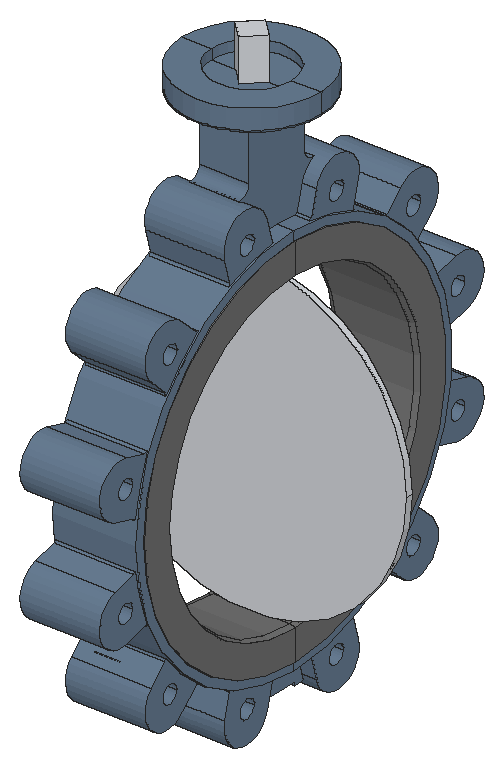
Revit family "HERZ Isolating Butterfly Valves AF-4219", category Rohrzubehör, Revit 2021
Family settings
  Bemaßung runder Anschluss = Durchmesser verwenden
  Teiletyp = Unterbricht
  OmniClass-Nummer = 23.65.55.14
  OmniClass-Titel = Valves for Liquid Services
  Arbeitsebenenbasiert = Nein
  Immer vertikal = Ja
  Beim Laden mit Abzugskörper schneiden = Nein
  Gemeinsam genutzt = Nein
Parameters
  Weight [instance] = size_lookup("4219_AF_", "Gewicht", 3.8, Nennweite)  # 37.6
  Vorgabe-Ansicht = 0.000 mm
  URL = "www.herzvalves.com"
  Spindle = "stainless steel ASTM-A276 / Type 316"  # constant formula
  Screws [instance] = if(Nennweite = 50.000 mm, "4x M16x35", if(Nennweite = 65.000 mm, "4x M16x35", if(Nennweite = 80.000 mm, "8x M16x35", if(Nennweite = 100.000 mm, "8x M16x40", if(Nennweite = 125.000 mm, "8x M16x40", if(Nennweite = 150.000 mm, "8x M20x40", if(Nennweite = 200.000 mm, "12x M20x45", if(Nennweite = 250.000 mm, "12x M24x45", "12x M24x45"))))))))  # "12x M24x45"
  SCTWSEQ = "FW;SBT_TYP_FW=\"101\";2"
  SCTWCODE = "04;07;02"  # constant formula
  SCRNSEQ = "ARM;ARM_TYP=\"ALLF\";2"
  SCRNCODE = "05;13;02"  # constant formula
  R99 = 1.500 mm  # constant formula
  R02 [instance] = size_lookup("4219_AF_", "R2", 1.000 mm, Nennweite)  # 37.500 mm
  Part number [instance] = size_lookup("4219_AF_", "Artnr", 421911, Nennweite)  # 1421939
  PN [instance] = size_lookup("4219_AF_", "PN", 16, Nennweite)  # 10
  O-Ring = "EPDM entsprechend ISO 1691"  # constant formula
  Min. operating temperature = "-20.00 °C with appropriate water-glycol mixture"  # constant formula
  Medium = "Heating water quality according ÖNORM H5195 or VDI-Standard 2035. The use of ethylene or propylene glycol in a\nmixing ratio 25- 50% is allowed."
  Max. operating temperature = 110 °C  # constant formula
  L05 [instance] = size_lookup("4219_AF_", "L5", 1.000 mm, Nennweite)  # 22.000 mm
  L04 [instance] = L01 - 3.500 mm  # 35.500 mm
  L03 [instance] = L01 + 1.500 mm  # 40.500 mm
  L02 [instance] = size_lookup("4219_AF_", "L2", 14.500 mm, Nennweite)  # 30.500 mm
  L01 [instance] = size_lookup("4219_AF_", "L1", 21.500 mm, Nennweite)  # 39.000 mm
  R01 [instance] = size_lookup("4219_AF_", "R1", 44.000 mm, Nennweite)  # 65.000 mm
  Nennweite [instance] = 300.000 mm
  Hersteller = "HERZ Armaturen Ges.m.b.H."  # constant formula
  H05 [instance] = size_lookup("4219_AF_", "H5", 1.000 mm, Nennweite) + H03  # 39.000 mm
  H04 [instance] = H01 - H03  # 299.000 mm
  H03 [instance] = size_lookup("4219_AF_", "H3", 1.000 mm, Nennweite)  # 9.000 mm
  H02 [instance] = size_lookup("4219_AF_", "H2", 13.000 mm, Nennweite)  # 20.000 mm
  H01 [instance] = size_lookup("4219_AF_", "H1", 125.000 mm, Nennweite)  # 308.000 mm
  Flange = "accoding to EN1092-2"  # constant formula
  Torque in NM [instance] = size_lookup("4219_AF_", "Nm", 20, Nennweite)  # 350
  Disc = "stainless steel 1.4408"  # constant formula
  DN80 [instance] = Nennweite = 80.000 mm  # no
  DN65 [instance] = Nennweite = 65.000 mm  # no
  DN50 [instance] = Nennweite = 50.000 mm  # no
  DN300 [instance] = Nennweite = 300.000 mm  # yes
  DN250 [instance] = Nennweite = 250.000 mm  # no
  DN200 [instance] = Nennweite = 200.000 mm  # no
  DN150 [instance] = Nennweite = 150.000 mm  # no
  DN125 [instance] = Nennweite = 125.000 mm  # no
  DN100 [instance] = Nennweite = 100.000 mm  # no
  D06 [instance] = size_lookup("4219_AF_", "D6", 25.300 mm, Nennweite)  # 146.500 mm
  D05 [instance] = size_lookup("4219_AF_", "D5", 24.500 mm, Nennweite)  # 145.000 mm
  D04 [instance] = D05 + 2.000 mm  # 147.000 mm
  D03 [instance] = size_lookup("4219_AF_", "D3", 35.500 mm, Nennweite)  # 167.500 mm
  D02 [instance] = size_lookup("4219_AF_", "D2", 41.000 mm, Nennweite)  # 175.000 mm
  D01 [instance] = size_lookup("4219_AF_", "D1", 47.000 mm, Nennweite)  # 183.000 mm
  Body sealing = "EPDM according to ISO 1691"  # constant formula
  Body = "GGG, GJS-400-15/JS1030, according to EN1563"  # constant formula
  Application = "Suitable for fluids in building services, cold water systems, hot water saystems, etc."
Reference planes
  plane 1 "Mitte (Vorne/hinten)": y = 0
  plane 2: z = 0
  plane 3 "Mitte (Links/rechts)": x = 0
Forms (mm)
  Revolve 1, solid, material "Herz-Metall-blau", detail levels fine
    sketch origin (0, 0, 0) x (1, 0, 0) y (0, 0, 1)
      loop
        line (-30.5, 175) -> (-30.5, 167.5) -> (30.5, 167.5) -> (30.5, 175) -> (39, 175) -> (39, 183) -> (-39, 183) -> (-39, 175) -> (-30.5, 175)
      axis (-39, 0) -> (39, 0)
    angle from 0 to 360
  Revolve 2, solid, material "Herz-Metall-blau", detail levels fine
    sketch origin (0, 0, 0) x (1, 0, 0) y (0, 0, 1)
      loop
        line (-65, 308) -> (-65, 289.463)
        arc (-65, 289.463) -> (-64.673, 288.527) -> (-63.833, 288) r 1.5
        line (-63.833, 288) -> (0, 288) -> (0, 299) -> (-37.5, 299) -> (-37.5, 308) -> (-65, 308)
      axis (0, 308) -> (0, 288)
    angle from 0 to 360
  Extrusion 3, solid, material "Herz-Metall-blau", visible <- "DN50", detail levels fine
    sketch origin (0, 0, 0) x (0, 1, 0) y (0, 0, 1)
      loop
        line (56.215, -32.173) -> (43.95, -19.909)
        arc (43.95, -19.909) -> (43.387, -18.793) -> (43.596, -17.56) r 2
        arc (43.596, -17.56) -> (33.234, -33.234) -> (17.56, -43.596) r 47
        arc (17.56, -43.596) -> (18.793, -43.387) -> (19.909, -43.95) r 2
        line (19.909, -43.95) -> (32.173, -56.215)
        arc (32.173, -56.215) -> (56.215, -56.215) -> (56.215, -32.173) r 17
      loop
        arc (-56.215, -32.173) -> (-56.215, -56.215) -> (-32.173, -56.215) r 17
        line (-32.173, -56.215) -> (-19.909, -43.95)
        arc (-19.909, -43.95) -> (-18.793, -43.387) -> (-17.56, -43.596) r 2
        arc (-17.56, -43.596) -> (-33.234, -33.234) -> (-43.596, -17.56) r 47
        arc (-43.596, -17.56) -> (-43.387, -18.793) -> (-43.95, -19.909) r 2
        line (-43.95, -19.909) -> (-56.215, -32.173)
      loop
        arc (56.215, 32.173) -> (56.215, 56.215) -> (32.173, 56.215) r 17
        line (32.173, 56.215) -> (19.909, 43.95)
        arc (19.909, 43.95) -> (18.793, 43.387) -> (17.56, 43.596) r 2
        arc (17.56, 43.596) -> (33.234, 33.234) -> (43.596, 17.56) r 47
        arc (43.596, 17.56) -> (43.387, 18.793) -> (43.95, 19.909) r 2
        line (43.95, 19.909) -> (56.215, 32.173)
      loop
        line (-56.215, 32.173) -> (-43.95, 19.909)
        arc (-43.95, 19.909) -> (-43.387, 18.793) -> (-43.596, 17.56) r 2
        arc (-43.596, 17.56) -> (-33.234, 33.234) -> (-17.56, 43.596) r 47
        arc (-17.56, 43.596) -> (-18.793, 43.387) -> (-19.909, 43.95) r 2
        line (-19.909, 43.95) -> (-32.173, 56.215)
        arc (-32.173, 56.215) -> (-56.215, 56.215) -> (-56.215, 32.173) r 17
      loop
        circle (-44.194, 44.194) r 6.92
      loop
        circle (44.194, 44.194) r 6.92
      loop
        circle (44.194, -44.194) r 6.92
      loop
        circle (-44.194, -44.194) r 6.92
    from -19.5 to 19.5
  Extrusion 4, solid, material "Herz-Metall-blau", visible <- "DN50", detail levels fine
    sketch origin (0, 0, 0) x (0, 1, 0) y (0, 0, 1)
      loop
        line (20, 74.845) -> (20, 112) -> (-20, 112) -> (-20, 74.845)
        arc (-20, 74.845) -> (-26.046, 62.811) -> (-39.31, 60.477) r 15
        arc (-39.31, 60.477) -> (-35.477, 58.789) -> (-32.173, 56.215) r 17
        line (-32.173, 56.215) -> (-19.909, 43.95)
        arc (-19.909, 43.95) -> (-18.793, 43.387) -> (-17.56, 43.596) r 2
        arc (-17.56, 43.596) -> (0, 47) -> (17.56, 43.596) r 47
        arc (17.56, 43.596) -> (18.793, 43.387) -> (19.909, 43.95) r 2
        line (19.909, 43.95) -> (32.173, 56.215)
        arc (32.173, 56.215) -> (35.477, 58.789) -> (39.31, 60.477) r 17
        arc (39.31, 60.477) -> (26.046, 62.811) -> (20, 74.845) r 15
    from -15 to 15
  Extrusion 5, solid, material "Herz-Metall-blau", visible <- "DN50"
    sketch origin (0, 0, 0) x (0, 1, 0) y (0, 0, 1)
      loop
        arc (33.834, -58) -> (34.246, -58.062) -> (34.622, -58.243) r 1.4
        arc (34.622, -58.243) -> (33.35, -57.286) -> (32.173, -56.215) r 17
        line (32.173, -56.215) -> (19.909, -43.95)
        arc (19.909, -43.95) -> (18.793, -43.387) -> (17.56, -43.596) r 2
        arc (17.56, -43.596) -> (0, -47) -> (-17.56, -43.596) r 47
        arc (-17.56, -43.596) -> (-18.793, -43.387) -> (-19.909, -43.95) r 2
        line (-19.909, -43.95) -> (-32.173, -56.215)
        arc (-32.173, -56.215) -> (-33.35, -57.286) -> (-34.622, -58.243) r 17
        arc (-34.622, -58.243) -> (-34.246, -58.062) -> (-33.834, -58) r 1.4
        line (-33.834, -58) -> (-16.963, -58)
        arc (-16.963, -58) -> (-15.575, -58.575) -> (-15, -59.963) r 1.963
        line (-15, -59.963) -> (-15, -61) -> (15, -61) -> (15, -59.963)
        arc (15, -59.963) -> (15.575, -58.575) -> (16.963, -58) r 1.963
        line (16.963, -58) -> (33.834, -58)
    from -15 to 15
  Revolve 6, solid, material "Gummi", detail levels fine
    sketch origin (-134.5, 0, 0) x (1, 0, 0) y (0, 0, 1)
      loop
        line (94, 175) -> (94, 147) -> (99, 145) -> (170, 145) -> (175, 147) -> (175, 175) -> (165, 175) -> (165, 167.5) -> (104, 167.5) -> (104, 175) -> (94, 175)
      axis (94, 0) -> (175, 0)
    angle from 0 to 360
  Extrusion 7, solid, detail levels fine
    sketch origin (0, 0, 0) x (1, 0, 0) y (0, 0, 1)
      loop
        circle (0, 0) r 146.5
    from -2.5 to 2.5
  Extrusion 8, solid, material "Herz-Metall-blau", visible <- "DN65", detail levels fine
    sketch origin (0, -300, 0) x (0, 1, 0) y (0, 0, 1)
      loop
        circle (351.265, 51.265) r 6.92
      loop
        arc (363.286, 39.244) -> (363.286, 63.286) -> (339.244, 63.286) r 17
        line (339.244, 63.286) -> (328.595, 52.636)
        arc (328.595, 52.636) -> (327.499, 52.076) -> (326.282, 52.264) r 2
        arc (326.282, 52.264) -> (341.366, 41.366) -> (352.264, 26.282) r 58.501
        arc (352.264, 26.282) -> (352.087, 27.51) -> (352.656, 28.614) r 2.038
        line (352.656, 28.614) -> (363.286, 39.244)
      loop
        circle (351.265, -51.265) r 6.92
      loop
        line (363.286, -39.244) -> (352.656, -28.614)
        arc (352.656, -28.614) -> (352.087, -27.51) -> (352.264, -26.282) r 2.038
        arc (352.264, -26.282) -> (341.366, -41.366) -> (326.282, -52.264) r 58.501
        arc (326.282, -52.264) -> (327.499, -52.076) -> (328.595, -52.636) r 2
        line (328.595, -52.636) -> (339.244, -63.286)
        arc (339.244, -63.286) -> (363.286, -63.286) -> (363.286, -39.244) r 17
      loop
        circle (248.735, 51.265) r 6.92
      loop
        line (236.714, 39.244) -> (247.344, 28.614)
        arc (247.344, 28.614) -> (247.913, 27.51) -> (247.736, 26.282) r 2.038
        arc (247.736, 26.282) -> (258.634, 41.366) -> (273.718, 52.264) r 58.501
        arc (273.718, 52.264) -> (272.501, 52.076) -> (271.405, 52.636) r 2
        line (271.405, 52.636) -> (260.756, 63.286)
        arc (260.756, 63.286) -> (236.714, 63.286) -> (236.714, 39.244) r 17
      loop
        circle (248.735, -51.265) r 6.92
      loop
        arc (236.714, -39.244) -> (236.714, -63.286) -> (260.756, -63.286) r 17
        line (260.756, -63.286) -> (271.405, -52.636)
        arc (271.405, -52.636) -> (272.501, -52.076) -> (273.718, -52.264) r 2
        arc (273.718, -52.264) -> (258.634, -41.366) -> (247.736, -26.282) r 58.501
        arc (247.736, -26.282) -> (247.913, -27.51) -> (247.344, -28.614) r 2.038
        line (247.344, -28.614) -> (236.714, -39.244)
    from -21 to 21
  Extrusion 9, solid, material "Herz-Metall-blau", visible <- "DN65", detail levels fine
    sketch origin (0, -300, 0) x (0, 1, 0) y (0, 0, 1)
      loop
        line (278, 136.5) -> (278, 78.286)
        arc (278, 78.286) -> (272.889, 69.099) -> (263, 65.53) r 14.984
        line (263, 65.53) -> (257.982, 65.53)
        arc (257.982, 65.53) -> (259.428, 64.481) -> (260.756, 63.286) r 17
        line (260.756, 63.286) -> (271.405, 52.636)
        arc (271.405, 52.636) -> (272.501, 52.076) -> (273.718, 52.264) r 2
        arc (273.718, 52.264) -> (300, 58.5) -> (326.282, 52.264) r 58.5
        arc (326.282, 52.264) -> (327.499, 52.076) -> (328.595, 52.636) r 2
        line (328.595, 52.636) -> (339.244, 63.286)
        arc (339.244, 63.286) -> (340.572, 64.481) -> (342.018, 65.53) r 17
        line (342.018, 65.53) -> (337, 65.53)
        arc (337, 65.53) -> (327.111, 69.099) -> (322, 78.286) r 14.984
        line (322, 78.286) -> (322, 136.5) -> (278, 136.5)
      loop
        arc (260.756, -63.286) -> (259.428, -64.481) -> (257.982, -65.53) r 17
        line (257.982, -65.53) -> (280.029, -65.53)
        arc (280.029, -65.53) -> (281.423, -66.108) -> (282, -67.501) r 1.971
        line (282, -67.501) -> (282, -74) -> (318, -74) -> (318, -67.527)
        arc (318, -67.527) -> (318.585, -66.115) -> (319.997, -65.53) r 1.997
        line (319.997, -65.53) -> (342.018, -65.53)
        arc (342.018, -65.53) -> (340.572, -64.481) -> (339.244, -63.286) r 17
        line (339.244, -63.286) -> (328.595, -52.636)
        arc (328.595, -52.636) -> (327.499, -52.076) -> (326.282, -52.264) r 2
        arc (326.282, -52.264) -> (300, -58.5) -> (273.718, -52.264) r 58.5
        arc (273.718, -52.264) -> (272.501, -52.076) -> (271.405, -52.636) r 2
        line (271.405, -52.636) -> (260.756, -63.286)
    from -18 to 18
  Extrusion 10, solid, material "Herz-Metall-blau", visible <- "DN80", detail levels fine
    sketch origin (0, -300, 0) x (0, 1, 0) y (0, 0, 1)
      loop
        circle (269.385, 73.91) r 6.92
      loop
        arc (285.091, 80.416) -> (262.88, 89.616) -> (253.679, 67.405) r 17
        line (253.679, 67.405) -> (259.513, 53.322)
        arc (259.513, 53.322) -> (259.602, 52.073) -> (258.924, 51.02) r 1.982
        arc (258.924, 51.02) -> (274.934, 60.514) -> (292.968, 65.121) r 65.5
        arc (292.968, 65.121) -> (291.745, 65.388) -> (290.924, 66.335) r 1.984
        line (290.924, 66.335) -> (285.091, 80.416)
      loop
        circle (226.09, 30.615) r 6.92
      loop
        line (219.584, 14.909) -> (233.665, 9.076)
        arc (233.665, 9.076) -> (234.612, 8.255) -> (234.879, 7.032) r 1.984
        arc (234.879, 7.032) -> (239.486, 25.066) -> (248.98, 41.076) r 65.5
        arc (248.98, 41.076) -> (247.927, 40.398) -> (246.678, 40.487) r 1.982
        line (246.678, 40.487) -> (232.595, 46.321)
        arc (232.595, 46.321) -> (210.384, 37.12) -> (219.584, 14.909) r 17
      loop
        circle (269.385, -73.91) r 6.92
      loop
        line (285.091, -80.416) -> (290.924, -66.335)
        arc (290.924, -66.335) -> (291.745, -65.388) -> (292.968, -65.121) r 1.984
        arc (292.968, -65.121) -> (274.934, -60.514) -> (258.924, -51.02) r 65.5
        arc (258.924, -51.02) -> (259.602, -52.073) -> (259.513, -53.322) r 1.982
        line (259.513, -53.322) -> (253.679, -67.405)
        arc (253.679, -67.405) -> (262.88, -89.616) -> (285.091, -80.416) r 17
      loop
        circle (226.09, -30.615) r 6.92
      loop
        arc (219.584, -14.909) -> (210.384, -37.12) -> (232.595, -46.321) r 17
        line (232.595, -46.321) -> (246.678, -40.487)
        arc (246.678, -40.487) -> (247.927, -40.398) -> (248.98, -41.076) r 1.982
        arc (248.98, -41.076) -> (239.486, -25.066) -> (234.879, -7.032) r 65.5
        arc (234.879, -7.032) -> (234.612, -8.255) -> (233.665, -9.076) r 1.984
        line (233.665, -9.076) -> (219.584, -14.909)
      loop
        circle (330.615, 73.91) r 6.92
      loop
        line (314.909, 80.416) -> (309.076, 66.335)
        arc (309.076, 66.335) -> (308.255, 65.388) -> (307.032, 65.121) r 1.984
        arc (307.032, 65.121) -> (325.066, 60.514) -> (341.076, 51.02) r 65.5
        arc (341.076, 51.02) -> (340.398, 52.073) -> (340.487, 53.322) r 1.982
        line (340.487, 53.322) -> (346.321, 67.405)
        arc (346.321, 67.405) -> (337.12, 89.616) -> (314.909, 80.416) r 17
      loop
        circle (373.91, 30.615) r 6.92
      loop
        arc (380.416, 14.909) -> (389.616, 37.12) -> (367.405, 46.321) r 17
        line (367.405, 46.321) -> (353.322, 40.487)
        arc (353.322, 40.487) -> (352.073, 40.398) -> (351.02, 41.076) r 1.982
        arc (351.02, 41.076) -> (360.514, 25.066) -> (365.121, 7.032) r 65.5
        arc (365.121, 7.032) -> (365.388, 8.255) -> (366.335, 9.076) r 1.984
        line (366.335, 9.076) -> (380.416, 14.909)
      loop
        circle (330.615, -73.91) r 6.92
      loop
        arc (314.909, -80.416) -> (337.12, -89.616) -> (346.321, -67.405) r 17
        line (346.321, -67.405) -> (340.487, -53.322)
        arc (340.487, -53.322) -> (340.398, -52.073) -> (341.076, -51.02) r 1.982
        arc (341.076, -51.02) -> (325.066, -60.514) -> (307.032, -65.121) r 65.5
        arc (307.032, -65.121) -> (308.255, -65.388) -> (309.076, -66.335) r 1.984
        line (309.076, -66.335) -> (314.909, -80.416)
      loop
        circle (373.91, -30.615) r 6.92
      loop
        line (380.416, -14.909) -> (366.335, -9.076)
        arc (366.335, -9.076) -> (365.388, -8.255) -> (365.121, -7.032) r 1.984
        arc (365.121, -7.032) -> (360.514, -25.066) -> (351.02, -41.076) r 65.5
        arc (351.02, -41.076) -> (352.073, -40.398) -> (353.322, -40.487) r 1.982
        line (353.322, -40.487) -> (367.405, -46.321)
        arc (367.405, -46.321) -> (389.616, -37.12) -> (380.416, -14.909) r 17
    from -21 to 21
  Extrusion 11, solid, material "Herz-Metall-blau", visible <- "DN80", detail levels fine
    sketch origin (0, -300, 0) x (0, 1, 0) y (0, 0, 1)
      loop
        line (278, 143.5) -> (278, 100.814)
        arc (278, 100.814) -> (275.545, 94.251) -> (269.385, 90.91) r 10
        arc (269.385, 90.91) -> (278.83, 88.045) -> (285.091, 80.416) r 17
        line (285.091, 80.416) -> (290.924, 66.335)
        arc (290.924, 66.335) -> (291.744, 65.388) -> (292.968, 65.121) r 1.984
        arc (292.968, 65.121) -> (300, 65.497) -> (307.032, 65.121) r 66.05
        arc (307.032, 65.121) -> (308.256, 65.388) -> (309.076, 66.335) r 1.984
        line (309.076, 66.335) -> (314.909, 80.416)
        arc (314.909, 80.416) -> (321.17, 88.045) -> (330.615, 90.91) r 17
        arc (330.615, 90.91) -> (324.455, 94.251) -> (322, 100.814) r 10
        line (322, 100.814) -> (322, 143.5) -> (278, 143.5)
      loop
        line (285.091, -80.416) -> (286.5, -80.946) -> (313.5, -80.946) -> (314.89, -80.371) -> (309.076, -66.335)
        arc (309.076, -66.335) -> (308.256, -65.388) -> (307.032, -65.121) r 1.984
        arc (307.032, -65.121) -> (300, -65.497) -> (292.968, -65.121) r 66.05
        arc (292.968, -65.121) -> (291.744, -65.388) -> (290.924, -66.335) r 1.984
        line (290.924, -66.335) -> (285.091, -80.416)
    from -18.5 to 18.5
  Extrusion 12, solid, material "Herz-Metall-blau", visible <- "DN100", detail levels fine
    sketch origin (0, -300, 0) x (0, 1, 0) y (0, 0, 1)
      loop
        circle (265.558, 83.149) r 6.92
      loop
        arc (281.264, 89.655) -> (259.053, 98.855) -> (249.853, 76.644) r 17
        line (249.853, 76.644) -> (255.731, 62.451)
        arc (255.731, 62.451) -> (255.813, 61.14) -> (255.074, 60.055) r 2.025
        arc (255.074, 60.055) -> (271.3, 69.291) -> (289.305, 74.233) r 75
        arc (289.305, 74.233) -> (288.012, 74.478) -> (287.142, 75.464) r 2.027
        line (287.142, 75.464) -> (281.264, 89.655)
      loop
        circle (216.851, 34.442) r 6.92
      loop
        line (210.345, 18.736) -> (224.536, 12.858)
        arc (224.536, 12.858) -> (225.522, 11.988) -> (225.767, 10.695) r 2.027
        arc (225.767, 10.695) -> (230.709, 28.7) -> (239.945, 44.926) r 75
        arc (239.945, 44.926) -> (238.86, 44.187) -> (237.549, 44.269) r 2.025
        line (237.549, 44.269) -> (223.356, 50.147)
        arc (223.356, 50.147) -> (201.145, 40.947) -> (210.345, 18.736) r 17
      loop
        circle (265.558, -83.149) r 6.92
      loop
        line (281.264, -89.655) -> (287.142, -75.464)
        arc (287.142, -75.464) -> (288.012, -74.478) -> (289.305, -74.233) r 2.027
        arc (289.305, -74.233) -> (271.3, -69.291) -> (255.074, -60.055) r 75
        arc (255.074, -60.055) -> (255.813, -61.14) -> (255.731, -62.451) r 2.025
        line (255.731, -62.451) -> (249.853, -76.644)
        arc (249.853, -76.644) -> (259.053, -98.855) -> (281.264, -89.655) r 17
      loop
        circle (216.851, -34.442) r 6.92
      loop
        arc (210.345, -18.736) -> (201.145, -40.947) -> (223.356, -50.147) r 17
        line (223.356, -50.147) -> (237.549, -44.269)
        arc (237.549, -44.269) -> (238.86, -44.187) -> (239.945, -44.926) r 2.025
        arc (239.945, -44.926) -> (230.709, -28.7) -> (225.767, -10.695) r 75
        arc (225.767, -10.695) -> (225.522, -11.988) -> (224.536, -12.858) r 2.027
        line (224.536, -12.858) -> (210.345, -18.736)
      loop
        circle (334.442, 83.149) r 6.92
      loop
        line (318.736, 89.655) -> (312.858, 75.464)
        arc (312.858, 75.464) -> (311.988, 74.478) -> (310.695, 74.233) r 2.027
        arc (310.695, 74.233) -> (328.7, 69.291) -> (344.926, 60.055) r 75
        arc (344.926, 60.055) -> (344.187, 61.14) -> (344.269, 62.451) r 2.025
        line (344.269, 62.451) -> (350.147, 76.644)
        arc (350.147, 76.644) -> (340.947, 98.855) -> (318.736, 89.655) r 17
      loop
        circle (383.149, 34.442) r 6.92
      loop
        arc (389.655, 18.736) -> (398.855, 40.947) -> (376.644, 50.147) r 17
        line (376.644, 50.147) -> (362.451, 44.269)
        arc (362.451, 44.269) -> (361.14, 44.187) -> (360.055, 44.926) r 2.025
        arc (360.055, 44.926) -> (369.291, 28.7) -> (374.233, 10.695) r 75
        arc (374.233, 10.695) -> (374.478, 11.988) -> (375.464, 12.858) r 2.027
        line (375.464, 12.858) -> (389.655, 18.736)
      loop
        circle (334.442, -83.149) r 6.92
      loop
        arc (318.736, -89.655) -> (340.947, -98.855) -> (350.147, -76.644) r 17
        line (350.147, -76.644) -> (344.269, -62.451)
        arc (344.269, -62.451) -> (344.187, -61.14) -> (344.926, -60.055) r 2.025
        arc (344.926, -60.055) -> (328.7, -69.291) -> (310.695, -74.233) r 75
        arc (310.695, -74.233) -> (311.988, -74.478) -> (312.858, -75.464) r 2.027
        line (312.858, -75.464) -> (318.736, -89.655)
      loop
        circle (383.149, -34.442) r 6.92
      loop
        line (389.655, -18.736) -> (375.464, -12.858)
        arc (375.464, -12.858) -> (374.478, -11.988) -> (374.233, -10.695) r 2.027
        arc (374.233, -10.695) -> (369.291, -28.7) -> (360.055, -44.926) r 75
        arc (360.055, -44.926) -> (361.14, -44.187) -> (362.451, -44.269) r 2.025
        line (362.451, -44.269) -> (376.644, -50.147)
        arc (376.644, -50.147) -> (398.855, -40.947) -> (389.655, -18.736) r 17
    from -24 to 24
  Extrusion 13, solid, material "Herz-Metall-blau", visible <- "DN100", detail levels fine
    sketch origin (0, -300, 0) x (0, 1, 0) y (0, 0, 1)
      loop
        line (274, 167) -> (274, 114.47)
        arc (274, 114.47) -> (270.644, 105.014) -> (262.078, 99.789) r 15
        arc (262.078, 99.789) -> (273.498, 98.181) -> (281.264, 89.655) r 17
        line (281.264, 89.655) -> (287.142, 75.464)
        arc (287.142, 75.464) -> (288.012, 74.478) -> (289.305, 74.233) r 2.027
        arc (289.305, 74.233) -> (300, 75) -> (310.695, 74.233) r 75
        arc (310.695, 74.233) -> (311.988, 74.478) -> (312.858, 75.464) r 2.027
        line (312.858, 75.464) -> (318.736, 89.655)
        arc (318.736, 89.655) -> (326.502, 98.181) -> (337.922, 99.789) r 17
        arc (337.922, 99.789) -> (329.356, 105.014) -> (326, 114.47) r 15
        line (326, 114.47) -> (326, 167) -> (274, 167)
      loop
        line (286.5, -93) -> (313.5, -93) -> (313.5, -96) -> (323.312, -96)
        arc (323.312, -96) -> (320.654, -93.094) -> (318.736, -89.655) r 17
        line (318.736, -89.655) -> (312.858, -75.464)
        arc (312.858, -75.464) -> (311.988, -74.478) -> (310.695, -74.233) r 2.027
        arc (310.695, -74.233) -> (300, -75) -> (289.305, -74.233) r 75
        arc (289.305, -74.233) -> (288.012, -74.478) -> (287.142, -75.464) r 2.027
        line (287.142, -75.464) -> (281.264, -89.655)
        arc (281.264, -89.655) -> (279.346, -93.094) -> (276.688, -96) r 17
        line (276.688, -96) -> (286.5, -96) -> (286.5, -93)
    from -18 to 18
  Extrusion 14, solid, material "Herz-Metall-blau", visible <- "DN125", detail levels fine
    sketch origin (0, -300, 0) x (0, 1, 0) y (0, 0, 1)
      loop
        circle (259.818, 97.007) r 6.92
      loop
        arc (275.524, 103.513) -> (253.313, 112.713) -> (244.112, 90.502) r 17
        line (244.112, 90.502) -> (249.217, 78.179)
        arc (249.217, 78.179) -> (249.286, 76.825) -> (248.485, 75.731) r 2.023
        arc (248.485, 75.731) -> (264.902, 84.594) -> (282.772, 89.957) r 91.852
        arc (282.772, 89.957) -> (281.505, 90.18) -> (280.649, 91.141) r 1.958
        line (280.649, 91.141) -> (275.524, 103.513)
      loop
        circle (202.993, 40.182) r 6.92
      loop
        line (196.487, 24.476) -> (208.859, 19.351)
        arc (208.859, 19.351) -> (209.82, 18.495) -> (210.043, 17.228) r 1.958
        arc (210.043, 17.228) -> (215.406, 35.098) -> (224.269, 51.515) r 91.852
        arc (224.269, 51.515) -> (223.175, 50.714) -> (221.821, 50.783) r 2.023
        line (221.821, 50.783) -> (209.498, 55.888)
        arc (209.498, 55.888) -> (187.287, 46.687) -> (196.487, 24.476) r 17
      loop
        circle (259.818, -97.007) r 6.92
      loop
        line (275.524, -103.513) -> (280.649, -91.141)
        arc (280.649, -91.141) -> (281.505, -90.18) -> (282.772, -89.957) r 1.958
        arc (282.772, -89.957) -> (264.902, -84.594) -> (248.485, -75.731) r 91.852
        arc (248.485, -75.731) -> (249.286, -76.825) -> (249.217, -78.179) r 2.023
        line (249.217, -78.179) -> (244.112, -90.502)
        arc (244.112, -90.502) -> (253.313, -112.713) -> (275.524, -103.513) r 17
      loop
        circle (202.993, -40.182) r 6.92
      loop
        arc (196.487, -24.476) -> (187.287, -46.687) -> (209.498, -55.888) r 17
        line (209.498, -55.888) -> (221.821, -50.783)
        arc (221.821, -50.783) -> (223.175, -50.714) -> (224.269, -51.515) r 2.023
        arc (224.269, -51.515) -> (215.406, -35.098) -> (210.043, -17.228) r 91.852
        arc (210.043, -17.228) -> (209.82, -18.495) -> (208.859, -19.351) r 1.958
        line (208.859, -19.351) -> (196.487, -24.476)
      loop
        circle (340.182, 97.007) r 6.92
      loop
        line (324.476, 103.513) -> (319.351, 91.141)
        arc (319.351, 91.141) -> (318.495, 90.18) -> (317.228, 89.957) r 1.958
        arc (317.228, 89.957) -> (335.098, 84.594) -> (351.515, 75.731) r 91.852
        arc (351.515, 75.731) -> (350.714, 76.825) -> (350.783, 78.179) r 2.023
        line (350.783, 78.179) -> (355.888, 90.502)
        arc (355.888, 90.502) -> (346.687, 112.713) -> (324.476, 103.513) r 17
      loop
        circle (397.007, 40.182) r 6.92
      loop
        arc (403.513, 24.476) -> (412.713, 46.687) -> (390.502, 55.888) r 17
        line (390.502, 55.888) -> (378.179, 50.783)
        arc (378.179, 50.783) -> (376.825, 50.714) -> (375.731, 51.515) r 2.023
        arc (375.731, 51.515) -> (384.594, 35.098) -> (389.957, 17.228) r 91.852
        arc (389.957, 17.228) -> (390.18, 18.495) -> (391.141, 19.351) r 1.958
        line (391.141, 19.351) -> (403.513, 24.476)
      loop
        circle (340.182, -97.007) r 6.92
      loop
        arc (324.476, -103.513) -> (346.687, -112.713) -> (355.888, -90.502) r 17
        line (355.888, -90.502) -> (350.783, -78.179)
        arc (350.783, -78.179) -> (350.714, -76.825) -> (351.515, -75.731) r 2.023
        arc (351.515, -75.731) -> (335.098, -84.594) -> (317.228, -89.957) r 91.852
        arc (317.228, -89.957) -> (318.495, -90.18) -> (319.351, -91.141) r 1.958
        line (319.351, -91.141) -> (324.476, -103.513)
      loop
        circle (397.007, -40.182) r 6.92
      loop
        line (403.513, -24.476) -> (391.141, -19.351)
        arc (391.141, -19.351) -> (390.18, -18.495) -> (389.957, -17.228) r 1.958
        arc (389.957, -17.228) -> (384.594, -35.098) -> (375.731, -51.515) r 91.852
        arc (375.731, -51.515) -> (376.825, -50.714) -> (378.179, -50.783) r 2.023
        line (378.179, -50.783) -> (390.502, -55.888)
        arc (390.502, -55.888) -> (412.713, -46.687) -> (403.513, -24.476) r 17
    from -26 to 26
  Extrusion 15, solid, material "Herz-Metall-blau", visible <- "DN125", detail levels fine
    sketch origin (0, -300, 0) x (0, 1, 0) y (0, 0, 1)
      loop
        line (273.999, 186) -> (273.95, 123.689)
        arc (273.95, 123.689) -> (270.458, 116.096) -> (262.42, 113.807) r 10
        arc (262.42, 113.807) -> (270.32, 110.376) -> (275.524, 103.513) r 17
        line (275.524, 103.513) -> (280.649, 91.141)
        arc (280.649, 91.141) -> (281.528, 90.167) -> (282.825, 89.967) r 1.958
        arc (282.825, 89.967) -> (299.999, 91.589) -> (317.173, 89.967) r 91.7
        arc (317.173, 89.967) -> (318.469, 90.167) -> (319.348, 91.141) r 1.958
        line (319.348, 91.141) -> (324.473, 103.513)
        arc (324.473, 103.513) -> (329.677, 110.376) -> (337.577, 113.807) r 17
        arc (337.577, 113.807) -> (329.539, 116.096) -> (325.999, 123.689) r 10
        line (325.999, 123.689) -> (325.999, 186) -> (273.999, 186)
      loop
        line (286.499, -110.51) -> (313.499, -110.51) -> (313.499, -113.51) -> (336.099, -113.51)
        arc (336.099, -113.51) -> (329.095, -109.897) -> (324.473, -103.513) r 17
        line (324.473, -103.513) -> (319.348, -91.141)
        arc (319.348, -91.141) -> (318.469, -90.167) -> (317.173, -89.967) r 1.958
        arc (317.173, -89.967) -> (299.999, -91.589) -> (282.825, -89.967) r 91.7
        arc (282.825, -89.967) -> (281.528, -90.167) -> (280.649, -91.141) r 1.958
        line (280.649, -91.141) -> (275.524, -103.513)
        arc (275.524, -103.513) -> (270.902, -109.897) -> (263.898, -113.51) r 17
        line (263.898, -113.51) -> (286.499, -113.51) -> (286.499, -110.51)
    from -18 to 18
  Extrusion 16, solid, material "Herz-Metall-blau", visible <- "DN150", detail levels fine
    sketch origin (0, -300, 0) x (0, 1, 0) y (0, 0, 1)
      loop
        circle (254.078, 110.866) r 8.645
      loop
        arc (273.479, 118.902) -> (246.042, 130.267) -> (234.677, 102.829) r 21
        line (234.677, 102.829) -> (241.591, 86.136)
        arc (241.591, 86.136) -> (241.664, 84.82) -> (240.899, 83.746) r 1.993
        arc (240.899, 83.746) -> (260.776, 94.698) -> (282.575, 101.008) r 102.504
        arc (282.575, 101.008) -> (281.263, 101.248) -> (280.379, 102.246) r 2.042
        line (280.379, 102.246) -> (273.479, 118.902)
      loop
        circle (189.134, 45.922) r 8.645
      loop
        line (181.098, 26.521) -> (197.754, 19.621)
        arc (197.754, 19.621) -> (198.752, 18.737) -> (198.992, 17.425) r 2.042
        arc (198.992, 17.425) -> (205.302, 39.224) -> (216.254, 59.101) r 102.504
        arc (216.254, 59.101) -> (215.18, 58.336) -> (213.864, 58.409) r 1.993
        line (213.864, 58.409) -> (197.171, 65.323)
        arc (197.171, 65.323) -> (169.733, 53.958) -> (181.098, 26.521) r 21
      loop
        circle (254.078, -110.866) r 8.645
      loop
        line (273.479, -118.902) -> (280.379, -102.246)
        arc (280.379, -102.246) -> (281.263, -101.248) -> (282.575, -101.008) r 2.042
        arc (282.575, -101.008) -> (260.776, -94.698) -> (240.899, -83.746) r 102.504
        arc (240.899, -83.746) -> (241.664, -84.82) -> (241.591, -86.136) r 1.993
        line (241.591, -86.136) -> (234.677, -102.829)
        arc (234.677, -102.829) -> (246.042, -130.267) -> (273.479, -118.902) r 21
      loop
        circle (189.134, -45.922) r 8.645
      loop
        arc (181.098, -26.521) -> (169.733, -53.958) -> (197.171, -65.323) r 21
        line (197.171, -65.323) -> (213.864, -58.409)
        arc (213.864, -58.409) -> (215.18, -58.336) -> (216.254, -59.101) r 1.993
        arc (216.254, -59.101) -> (205.302, -39.224) -> (198.992, -17.425) r 102.504
        arc (198.992, -17.425) -> (198.752, -18.737) -> (197.754, -19.621) r 2.042
        line (197.754, -19.621) -> (181.098, -26.521)
      loop
        circle (345.922, 110.866) r 8.645
      loop
        line (326.521, 118.902) -> (319.621, 102.246)
        arc (319.621, 102.246) -> (318.737, 101.248) -> (317.425, 101.008) r 2.042
        arc (317.425, 101.008) -> (339.224, 94.698) -> (359.101, 83.746) r 102.504
        arc (359.101, 83.746) -> (358.336, 84.82) -> (358.409, 86.136) r 1.993
        line (358.409, 86.136) -> (365.323, 102.829)
        arc (365.323, 102.829) -> (353.958, 130.267) -> (326.521, 118.902) r 21
      loop
        circle (410.866, 45.922) r 8.645
      loop
        arc (418.902, 26.521) -> (430.267, 53.958) -> (402.829, 65.323) r 21
        line (402.829, 65.323) -> (386.136, 58.409)
        arc (386.136, 58.409) -> (384.82, 58.336) -> (383.746, 59.101) r 1.993
        arc (383.746, 59.101) -> (394.698, 39.224) -> (401.008, 17.425) r 102.504
        arc (401.008, 17.425) -> (401.248, 18.737) -> (402.246, 19.621) r 2.042
        line (402.246, 19.621) -> (418.902, 26.521)
      loop
        circle (345.922, -110.866) r 8.645
      loop
        arc (326.521, -118.902) -> (353.958, -130.267) -> (365.323, -102.829) r 21
        line (365.323, -102.829) -> (358.409, -86.136)
        arc (358.409, -86.136) -> (358.336, -84.82) -> (359.101, -83.746) r 1.993
        arc (359.101, -83.746) -> (339.224, -94.698) -> (317.425, -101.008) r 102.504
        arc (317.425, -101.008) -> (318.737, -101.248) -> (319.621, -102.246) r 2.042
        line (319.621, -102.246) -> (326.521, -118.902)
      loop
        circle (410.866, -45.922) r 8.645
      loop
        line (418.902, -26.521) -> (402.246, -19.621)
        arc (402.246, -19.621) -> (401.248, -18.737) -> (401.008, -17.425) r 2.042
        arc (401.008, -17.425) -> (394.698, -39.224) -> (383.746, -59.101) r 102.504
        arc (383.746, -59.101) -> (384.82, -58.336) -> (386.136, -58.409) r 1.993
        line (386.136, -58.409) -> (402.829, -65.323)
        arc (402.829, -65.323) -> (430.267, -53.958) -> (418.902, -26.521) r 21
    from -26 to 26
  Extrusion 17, solid, material "Herz-Metall-blau", visible <- "DN150", detail levels fine
    sketch origin (0, -300, 0) x (0, 1, 0) y (0, 0, 1)
      loop
        line (274, 199) -> (274, 135)
        arc (274, 135) -> (272.527, 129.776) -> (268.541, 126.091) r 10
        arc (268.541, 126.091) -> (271.388, 122.755) -> (273.479, 118.902) r 21
        line (273.479, 118.902) -> (280.379, 102.246)
        arc (280.379, 102.246) -> (281.28, 101.239) -> (282.612, 101.014) r 2.042
        arc (282.612, 101.014) -> (300, 102.5) -> (317.388, 101.014) r 102.5
        arc (317.388, 101.014) -> (318.72, 101.239) -> (319.621, 102.246) r 2.042
        line (319.621, 102.246) -> (326.521, 118.902)
        arc (326.521, 118.902) -> (328.612, 122.755) -> (331.459, 126.091) r 21
        arc (331.459, 126.091) -> (327.473, 129.776) -> (326, 135) r 10
        line (326, 135) -> (326, 199) -> (274, 199)
      loop
        line (286.5, -122.5) -> (313.5, -122.5) -> (313.5, -125.5) -> (330.861, -125.5)
        arc (330.861, -125.5) -> (328.378, -122.407) -> (326.521, -118.902) r 21
        line (326.521, -118.902) -> (319.621, -102.246)
        arc (319.621, -102.246) -> (318.72, -101.239) -> (317.388, -101.014) r 2.042
        arc (317.388, -101.014) -> (300, -102.5) -> (282.612, -101.014) r 102.5
        arc (282.612, -101.014) -> (281.28, -101.239) -> (280.379, -102.246) r 2.042
        line (280.379, -102.246) -> (273.479, -118.902)
        arc (273.479, -118.902) -> (271.622, -122.407) -> (269.139, -125.5) r 21
        line (269.139, -125.5) -> (286.5, -125.5) -> (286.5, -122.5)
    from -18 to 18
  Extrusion 18, solid, material "Herz-Metall-blau", visible <- "DN200", detail levels fine
    sketch origin (0, -400, 0) x (0, 1, 0) y (0, 0, 1)
      loop
        circle (361.824, 142.474) r 8.645
      loop
        arc (382.109, 147.909) -> (356.389, 162.759) -> (341.54, 137.039) r 21
        line (341.54, 137.039) -> (345.801, 121.136)
        arc (345.801, 121.136) -> (345.679, 119.74) -> (344.688, 118.75) r 2.048
        arc (344.688, 118.75) -> (366.062, 126.527) -> (388.459, 130.491) r 131
        arc (388.459, 130.491) -> (387.159, 130.838) -> (386.388, 131.939) r 1.965
        line (386.388, 131.939) -> (382.109, 147.909)
      loop
        circle (257.526, 38.176) r 8.645
      loop
        line (252.091, 17.891) -> (268.061, 13.612)
        arc (268.061, 13.612) -> (269.162, 12.841) -> (269.509, 11.541) r 1.965
        arc (269.509, 11.541) -> (273.473, 33.938) -> (281.25, 55.312) r 131
        arc (281.25, 55.312) -> (280.26, 54.321) -> (278.864, 54.199) r 2.048
        line (278.864, 54.199) -> (262.961, 58.46)
        arc (262.961, 58.46) -> (237.241, 43.611) -> (252.091, 17.891) r 21
      loop
        circle (295.702, 104.298) r 8.645
      loop
        line (280.853, 89.449) -> (292.543, 77.758)
        arc (292.543, 77.758) -> (293.111, 76.539) -> (292.762, 75.24) r 1.965
        arc (292.762, 75.24) -> (307.393, 92.655) -> (324.816, 107.277) r 131
        arc (324.816, 107.277) -> (323.463, 106.914) -> (322.193, 107.506) r 2.048
        line (322.193, 107.506) -> (310.551, 119.147)
        arc (310.551, 119.147) -> (280.853, 119.147) -> (280.853, 89.449) r 21
      loop
        circle (361.824, -142.474) r 8.645
      loop
        line (382.109, -147.909) -> (386.388, -131.939)
        arc (386.388, -131.939) -> (387.159, -130.838) -> (388.459, -130.491) r 1.965
        arc (388.459, -130.491) -> (366.062, -126.527) -> (344.688, -118.75) r 131
        arc (344.688, -118.75) -> (345.679, -119.74) -> (345.801, -121.136) r 2.048
        line (345.801, -121.136) -> (341.54, -137.039)
        arc (341.54, -137.039) -> (356.389, -162.759) -> (382.109, -147.909) r 21
      loop
        circle (257.526, -38.176) r 8.645
      loop
        arc (252.091, -17.891) -> (237.241, -43.611) -> (262.961, -58.46) r 21
        line (262.961, -58.46) -> (278.864, -54.199)
        arc (278.864, -54.199) -> (280.26, -54.321) -> (281.25, -55.312) r 2.048
        arc (281.25, -55.312) -> (273.473, -33.938) -> (269.509, -11.541) r 131
        arc (269.509, -11.541) -> (269.162, -12.841) -> (268.061, -13.612) r 1.965
        line (268.061, -13.612) -> (252.091, -17.891)
      loop
        circle (295.702, -104.298) r 8.645
      loop
        arc (280.853, -89.449) -> (280.853, -119.147) -> (310.551, -119.147) r 21
        line (310.551, -119.147) -> (322.193, -107.506)
        arc (322.193, -107.506) -> (323.463, -106.914) -> (324.816, -107.277) r 2.048
        arc (324.816, -107.277) -> (307.393, -92.655) -> (292.762, -75.24) r 131
        arc (292.762, -75.24) -> (293.111, -76.539) -> (292.543, -77.758) r 1.965
        line (292.543, -77.758) -> (280.853, -89.449)
      loop
        circle (438.176, 142.474) r 8.645
      loop
        line (417.891, 147.909) -> (413.612, 131.939)
        arc (413.612, 131.939) -> (412.841, 130.838) -> (411.541, 130.491) r 1.965
        arc (411.541, 130.491) -> (433.938, 126.527) -> (455.312, 118.75) r 131
        arc (455.312, 118.75) -> (454.321, 119.74) -> (454.199, 121.136) r 2.048
        line (454.199, 121.136) -> (458.46, 137.039)
        arc (458.46, 137.039) -> (443.611, 162.759) -> (417.891, 147.909) r 21
      loop
        circle (542.474, 38.176) r 8.645
      loop
        arc (547.909, 17.891) -> (562.759, 43.611) -> (537.039, 58.46) r 21
        line (537.039, 58.46) -> (521.136, 54.199)
        arc (521.136, 54.199) -> (519.74, 54.321) -> (518.75, 55.312) r 2.048
        arc (518.75, 55.312) -> (526.527, 33.938) -> (530.491, 11.541) r 131
        arc (530.491, 11.541) -> (530.838, 12.841) -> (531.939, 13.612) r 1.965
        line (531.939, 13.612) -> (547.909, 17.891)
      loop
        circle (504.298, 104.298) r 8.645
      loop
        arc (519.147, 89.449) -> (519.147, 119.147) -> (489.449, 119.147) r 21
        line (489.449, 119.147) -> (477.807, 107.506)
        arc (477.807, 107.506) -> (476.537, 106.914) -> (475.184, 107.277) r 2.048
        arc (475.184, 107.277) -> (492.607, 92.655) -> (507.238, 75.24) r 131
        arc (507.238, 75.24) -> (506.889, 76.539) -> (507.457, 77.758) r 1.965
        line (507.457, 77.758) -> (519.147, 89.449)
      loop
        circle (438.176, -142.474) r 8.645
      loop
        arc (417.891, -147.909) -> (443.611, -162.759) -> (458.46, -137.039) r 21
        line (458.46, -137.039) -> (454.199, -121.136)
        arc (454.199, -121.136) -> (454.321, -119.74) -> (455.312, -118.75) r 2.048
        arc (455.312, -118.75) -> (433.938, -126.527) -> (411.541, -130.491) r 131
        arc (411.541, -130.491) -> (412.841, -130.838) -> (413.612, -131.939) r 1.965
        line (413.612, -131.939) -> (417.891, -147.909)
      loop
        circle (542.474, -38.176) r 8.645
      loop
        line (547.909, -17.891) -> (531.939, -13.612)
        arc (531.939, -13.612) -> (530.838, -12.841) -> (530.491, -11.541) r 1.965
        arc (530.491, -11.541) -> (526.527, -33.938) -> (518.75, -55.312) r 131
        arc (518.75, -55.312) -> (519.74, -54.321) -> (521.136, -54.199) r 2.048
        line (521.136, -54.199) -> (537.039, -58.46)
        arc (537.039, -58.46) -> (562.759, -43.611) -> (547.909, -17.891) r 21
      loop
        circle (504.298, -104.298) r 8.645
      loop
        line (519.147, -89.449) -> (507.457, -77.758)
        arc (507.457, -77.758) -> (506.889, -76.539) -> (507.238, -75.24) r 1.965
        arc (507.238, -75.24) -> (492.607, -92.655) -> (475.184, -107.277) r 131
        arc (475.184, -107.277) -> (476.537, -106.914) -> (477.807, -107.506) r 2.048
        line (477.807, -107.506) -> (489.449, -119.147)
        arc (489.449, -119.147) -> (519.147, -119.147) -> (519.147, -89.449) r 21
    from -28 to 28
  Extrusion 19, solid, material "Herz-Metall-blau", visible <- "DN200", detail levels fine
    sketch origin (0, -400, 0) x (0, 1, 0) y (0, 0, 1)
      loop
        arc (411.541, 130.491) -> (412.841, 130.838) -> (413.612, 131.939) r 1.965
        line (413.612, 131.939) -> (417.891, 147.909)
        arc (417.891, 147.909) -> (422.597, 156.556) -> (430.727, 162.108) r 21
        arc (430.727, 162.108) -> (428.869, 162.334) -> (428, 163.99) r 2.013
        line (428, 163.99) -> (428, 230) -> (372, 230) -> (372, 163.99)
        arc (372, 163.99) -> (371.131, 162.334) -> (369.273, 162.108) r 2.013
        arc (369.273, 162.108) -> (377.403, 156.556) -> (382.109, 147.909) r 21
        line (382.109, 147.909) -> (386.388, 131.939)
        arc (386.388, 131.939) -> (387.159, 130.838) -> (388.459, 130.491) r 1.965
        arc (388.459, 130.491) -> (400, 131) -> (411.541, 130.491) r 131
      loop
        arc (411.541, -130.491) -> (400, -131) -> (388.459, -130.491) r 131
        arc (388.459, -130.491) -> (387.159, -130.838) -> (386.388, -131.939) r 1.965
        line (386.388, -131.939) -> (382.109, -147.909)
        arc (382.109, -147.909) -> (381.328, -150.259) -> (380.276, -152.5) r 21
        line (380.276, -152.5) -> (419.724, -152.5)
        arc (419.724, -152.5) -> (418.672, -150.259) -> (417.891, -147.909) r 21
        line (417.891, -147.909) -> (413.612, -131.939)
        arc (413.612, -131.939) -> (412.841, -130.838) -> (411.541, -130.491) r 1.965
    from -20 to 20
  Extrusion 20, solid, material "Herz-Metall-blau", visible <- "DN250", detail levels fine
    sketch origin (0, -500, 0) x (0, 1, 0) y (0, 0, 1)
      loop
        circle (454.707, 169.037) r 8.645
      loop
        arc (478.208, 177.922) -> (447.589, 195.6) -> (429.911, 164.981) r 25
        line (429.911, 164.981) -> (435.025, 145.897)
        arc (435.025, 145.897) -> (434.902, 144.5) -> (433.907, 143.512) r 2.044
        arc (433.907, 143.512) -> (458.94, 152.587) -> (485.142, 157.329) r 158
        arc (485.142, 157.329) -> (483.991, 157.793) -> (483.322, 158.837) r 2.043
        line (483.322, 158.837) -> (478.208, 177.922)
      loop
        circle (376.468, 123.866) r 8.645
      loop
        line (357.022, 107.956) -> (370.994, 93.984)
        arc (370.994, 93.984) -> (371.563, 92.882) -> (371.39, 91.654) r 2.043
        arc (371.39, 91.654) -> (388.597, 111.974) -> (408.973, 129.116) r 158
        arc (408.973, 129.116) -> (407.62, 128.749) -> (406.348, 129.34) r 2.044
        line (406.348, 129.34) -> (392.378, 143.311)
        arc (392.378, 143.311) -> (357.022, 143.311) -> (357.022, 107.956) r 25
      loop
        circle (331.268, 45.598) r 8.645
      loop
        line (322.382, 22.097) -> (341.468, 16.983)
        arc (341.468, 16.983) -> (342.512, 16.313) -> (342.976, 15.163) r 2.043
        arc (342.976, 15.163) -> (347.718, 41.365) -> (356.793, 66.398) r 158
        arc (356.793, 66.398) -> (355.804, 65.403) -> (354.408, 65.28) r 2.044
        line (354.408, 65.28) -> (335.323, 70.393)
        arc (335.323, 70.393) -> (304.705, 52.716) -> (322.382, 22.097) r 25
      loop
        circle (454.707, -169.037) r 8.645
      loop
        line (478.208, -177.922) -> (483.322, -158.837)
        arc (483.322, -158.837) -> (483.991, -157.793) -> (485.142, -157.329) r 2.043
        arc (485.142, -157.329) -> (458.94, -152.587) -> (433.907, -143.512) r 158
        arc (433.907, -143.512) -> (434.902, -144.5) -> (435.025, -145.897) r 2.044
        line (435.025, -145.897) -> (429.911, -164.981)
        arc (429.911, -164.981) -> (447.589, -195.6) -> (478.208, -177.922) r 25
      loop
        circle (376.468, -123.866) r 8.645
      loop
        arc (357.022, -107.956) -> (357.022, -143.311) -> (392.378, -143.311) r 25
        line (392.378, -143.311) -> (406.348, -129.34)
        arc (406.348, -129.34) -> (407.62, -128.749) -> (408.973, -129.116) r 2.044
        arc (408.973, -129.116) -> (388.597, -111.974) -> (371.39, -91.654) r 158
        arc (371.39, -91.654) -> (371.563, -92.882) -> (370.994, -93.984) r 2.043
        line (370.994, -93.984) -> (357.022, -107.956)
      loop
        circle (331.268, -45.598) r 8.645
      loop
        arc (322.382, -22.097) -> (304.705, -52.716) -> (335.323, -70.393) r 25
        line (335.323, -70.393) -> (354.408, -65.28)
        arc (354.408, -65.28) -> (355.804, -65.403) -> (356.793, -66.398) r 2.044
        arc (356.793, -66.398) -> (347.718, -41.365) -> (342.976, -15.163) r 158
        arc (342.976, -15.163) -> (342.512, -16.313) -> (341.468, -16.983) r 2.043
        line (341.468, -16.983) -> (322.382, -22.097)
      loop
        circle (545.128, 169.037) r 8.645
      loop
        line (521.626, 177.922) -> (516.513, 158.837)
        arc (516.513, 158.837) -> (515.843, 157.793) -> (514.693, 157.329) r 2.043
        arc (514.693, 157.329) -> (540.894, 152.587) -> (565.927, 143.512) r 158
        arc (565.927, 143.512) -> (564.933, 144.5) -> (564.809, 145.897) r 2.044
        line (564.809, 145.897) -> (569.923, 164.981)
        arc (569.923, 164.981) -> (552.245, 195.6) -> (521.626, 177.922) r 25
      loop
        circle (623.367, 123.866) r 8.645
      loop
        arc (642.812, 107.956) -> (642.812, 143.311) -> (607.457, 143.311) r 25
        line (607.457, 143.311) -> (593.486, 129.34)
        arc (593.486, 129.34) -> (592.215, 128.749) -> (590.862, 129.116) r 2.044
        arc (590.862, 129.116) -> (611.237, 111.974) -> (628.444, 91.654) r 158
        arc (628.444, 91.654) -> (628.271, 92.882) -> (628.841, 93.984) r 2.043
        line (628.841, 93.984) -> (642.812, 107.956)
      loop
        circle (668.567, 45.598) r 8.645
      loop
        arc (677.452, 22.097) -> (695.13, 52.716) -> (664.511, 70.393) r 25
        line (664.511, 70.393) -> (645.426, 65.28)
        arc (645.426, 65.28) -> (644.03, 65.403) -> (643.042, 66.398) r 2.044
        arc (643.042, 66.398) -> (652.116, 41.365) -> (656.858, 15.163) r 158
        arc (656.858, 15.163) -> (657.323, 16.313) -> (658.367, 16.983) r 2.043
        line (658.367, 16.983) -> (677.452, 22.097)
      loop
        circle (545.128, -169.037) r 8.645
      loop
        arc (521.626, -177.922) -> (552.245, -195.6) -> (569.923, -164.981) r 25
        line (569.923, -164.981) -> (564.809, -145.897)
        arc (564.809, -145.897) -> (564.933, -144.5) -> (565.927, -143.512) r 2.044
        arc (565.927, -143.512) -> (540.894, -152.587) -> (514.693, -157.329) r 158
        arc (514.693, -157.329) -> (515.843, -157.793) -> (516.513, -158.837) r 2.043
        line (516.513, -158.837) -> (521.626, -177.922)
      loop
        circle (623.367, -123.866) r 8.645
      loop
        line (642.812, -107.956) -> (628.841, -93.984)
        arc (628.841, -93.984) -> (628.271, -92.882) -> (628.444, -91.654) r 2.043
        arc (628.444, -91.654) -> (611.237, -111.974) -> (590.862, -129.116) r 158
        arc (590.862, -129.116) -> (592.215, -128.749) -> (593.486, -129.34) r 2.044
        line (593.486, -129.34) -> (607.457, -143.311)
        arc (607.457, -143.311) -> (642.812, -143.311) -> (642.812, -107.956) r 25
      loop
        circle (668.567, -45.598) r 8.645
      loop
        line (677.452, -22.097) -> (658.367, -16.983)
        arc (658.367, -16.983) -> (657.323, -16.313) -> (656.858, -15.163) r 2.043
        arc (656.858, -15.163) -> (652.116, -41.365) -> (643.042, -66.398) r 158
        arc (643.042, -66.398) -> (644.03, -65.403) -> (645.426, -65.28) r 2.044
        line (645.426, -65.28) -> (664.511, -70.393)
        arc (664.511, -70.393) -> (695.13, -52.716) -> (677.452, -22.097) r 25
    from -32 to 32
  Extrusion 21, solid, material "Herz-Metall-blau", visible <- "DN250", detail levels fine
    sketch origin (0, -500, 0) x (0, 1, 0) y (0, 0, 1)
      loop
        line (467.917, 263) -> (467.917, 195.639)
        arc (467.917, 195.639) -> (466.995, 193.978) -> (465.097, 193.884) r 1.957
        arc (465.097, 193.884) -> (473.378, 187.32) -> (478.208, 177.922) r 25
        line (478.208, 177.922) -> (483.33, 158.808)
        arc (483.33, 158.808) -> (483.997, 157.776) -> (485.142, 157.329) r 2
        arc (485.142, 157.329) -> (499.917, 158.021) -> (514.693, 157.329) r 158
        arc (514.693, 157.329) -> (515.837, 157.776) -> (516.505, 158.808) r 2
        line (516.505, 158.808) -> (521.626, 177.922)
        arc (521.626, 177.922) -> (526.456, 187.32) -> (534.737, 193.884) r 25
        arc (534.737, 193.884) -> (532.84, 193.978) -> (531.917, 195.639) r 1.957
        line (531.917, 195.639) -> (531.917, 263) -> (467.917, 263)
      loop
        line (478.917, -192.479) -> (520.917, -192.479) -> (520.917, -195.479) -> (538.868, -195.479)
        arc (538.868, -195.479) -> (527.938, -188.969) -> (521.626, -177.922) r 25
        line (521.626, -177.922) -> (516.505, -158.808)
        arc (516.505, -158.808) -> (515.837, -157.776) -> (514.693, -157.329) r 2
        arc (514.693, -157.329) -> (499.917, -158.021) -> (485.142, -157.329) r 158
        arc (485.142, -157.329) -> (483.997, -157.776) -> (483.33, -158.808) r 2
        line (483.33, -158.808) -> (478.208, -177.922)
        arc (478.208, -177.922) -> (471.897, -188.969) -> (460.966, -195.479) r 25
        line (460.966, -195.479) -> (478.917, -195.479) -> (478.917, -192.479)
    from -23 to 23
  Extrusion 22, solid, material "Herz-Metall-blau", visible <- "DN300", detail levels fine
    sketch origin (0, -600, 0) x (0, 1, 0) y (0, 0, 1)
      loop
        circle (548.236, 193.185) r 8.645
      loop
        arc (571.09, 204.485) -> (540.472, 222.163) -> (522.794, 191.544) r 25
        line (522.794, 191.544) -> (528.48, 170.323)
        arc (528.48, 170.323) -> (528.348, 168.926) -> (527.336, 167.955) r 2.013
        arc (527.336, 167.955) -> (552.476, 176.732) -> (578.624, 181.768) r 183
        arc (578.624, 181.768) -> (577.466, 182.19) -> (576.788, 183.22) r 1.96
        line (576.788, 183.22) -> (571.09, 204.485)
      loop
        circle (458.579, 141.421) r 8.645
      loop
        line (437.365, 127.279) -> (452.933, 111.712)
        arc (452.933, 111.712) -> (453.486, 110.61) -> (453.272, 109.396) r 1.96
        arc (453.272, 109.396) -> (470.707, 129.523) -> (490.879, 146.906) r 183
        arc (490.879, 146.906) -> (489.531, 146.515) -> (488.256, 147.1) r 2.013
        line (488.256, 147.1) -> (472.721, 162.635)
        arc (472.721, 162.635) -> (437.365, 162.635) -> (437.365, 127.279) r 25
      loop
        circle (406.815, 51.764) r 8.645
      loop
        line (395.515, 28.91) -> (416.78, 23.212)
        arc (416.78, 23.212) -> (417.81, 22.534) -> (418.232, 21.376) r 1.96
        arc (418.232, 21.376) -> (423.268, 47.524) -> (432.045, 72.664) r 183
        arc (432.045, 72.664) -> (431.074, 71.652) -> (429.677, 71.52) r 2.013
        line (429.677, 71.52) -> (408.456, 77.206)
        arc (408.456, 77.206) -> (377.837, 59.528) -> (395.515, 28.91) r 25
      loop
        circle (548.236, -193.185) r 8.645
      loop
        line (571.09, -204.485) -> (576.788, -183.22)
        arc (576.788, -183.22) -> (577.466, -182.19) -> (578.624, -181.768) r 1.96
        arc (578.624, -181.768) -> (552.476, -176.732) -> (527.336, -167.955) r 183
        arc (527.336, -167.955) -> (528.348, -168.926) -> (528.48, -170.323) r 2.013
        line (528.48, -170.323) -> (522.794, -191.544)
        arc (522.794, -191.544) -> (540.472, -222.163) -> (571.09, -204.485) r 25
      loop
        circle (458.579, -141.421) r 8.645
      loop
        arc (437.365, -127.279) -> (437.365, -162.635) -> (472.721, -162.635) r 25
        line (472.721, -162.635) -> (488.256, -147.1)
        arc (488.256, -147.1) -> (489.531, -146.515) -> (490.879, -146.906) r 2.013
        arc (490.879, -146.906) -> (470.707, -129.523) -> (453.272, -109.396) r 183
        arc (453.272, -109.396) -> (453.486, -110.61) -> (452.933, -111.712) r 1.96
        line (452.933, -111.712) -> (437.365, -127.279)
      loop
        circle (406.815, -51.764) r 8.645
      loop
        arc (395.515, -28.91) -> (377.837, -59.528) -> (408.456, -77.206) r 25
        line (408.456, -77.206) -> (429.677, -71.52)
        arc (429.677, -71.52) -> (431.074, -71.652) -> (432.045, -72.664) r 2.013
        arc (432.045, -72.664) -> (423.268, -47.524) -> (418.232, -21.376) r 183
        arc (418.232, -21.376) -> (417.81, -22.534) -> (416.78, -23.212) r 1.96
        line (416.78, -23.212) -> (395.515, -28.91)
      loop
        circle (651.764, 193.185) r 8.645
      loop
        line (628.91, 204.485) -> (623.212, 183.22)
        arc (623.212, 183.22) -> (622.534, 182.19) -> (621.376, 181.768) r 1.96
        arc (621.376, 181.768) -> (647.524, 176.732) -> (672.664, 167.955) r 183
        arc (672.664, 167.955) -> (671.652, 168.926) -> (671.52, 170.323) r 2.013
        line (671.52, 170.323) -> (677.206, 191.544)
        arc (677.206, 191.544) -> (659.528, 222.163) -> (628.91, 204.485) r 25
      loop
        circle (741.421, 141.421) r 8.645
      loop
        arc (762.635, 127.279) -> (762.635, 162.635) -> (727.279, 162.635) r 25
        line (727.279, 162.635) -> (711.744, 147.1)
        arc (711.744, 147.1) -> (710.469, 146.515) -> (709.121, 146.906) r 2.013
        arc (709.121, 146.906) -> (729.293, 129.523) -> (746.728, 109.396) r 183
        arc (746.728, 109.396) -> (746.514, 110.61) -> (747.067, 111.712) r 1.96
        line (747.067, 111.712) -> (762.635, 127.279)
      loop
        circle (793.185, 51.764) r 8.645
      loop
        arc (804.485, 28.91) -> (822.163, 59.528) -> (791.544, 77.206) r 25
        line (791.544, 77.206) -> (770.323, 71.52)
        arc (770.323, 71.52) -> (768.926, 71.652) -> (767.955, 72.664) r 2.013
        arc (767.955, 72.664) -> (776.732, 47.524) -> (781.768, 21.376) r 183
        arc (781.768, 21.376) -> (782.19, 22.534) -> (783.22, 23.212) r 1.96
        line (783.22, 23.212) -> (804.485, 28.91)
      loop
        circle (651.764, -193.185) r 8.645
      loop
        arc (628.91, -204.485) -> (659.528, -222.163) -> (677.206, -191.544) r 25
        line (677.206, -191.544) -> (671.52, -170.323)
        arc (671.52, -170.323) -> (671.652, -168.926) -> (672.664, -167.955) r 2.013
        arc (672.664, -167.955) -> (647.524, -176.732) -> (621.376, -181.768) r 183
        arc (621.376, -181.768) -> (622.534, -182.19) -> (623.212, -183.22) r 1.96
        line (623.212, -183.22) -> (628.91, -204.485)
      loop
        circle (741.421, -141.421) r 8.645
      loop
        line (762.635, -127.279) -> (747.067, -111.712)
        arc (747.067, -111.712) -> (746.514, -110.61) -> (746.728, -109.396) r 1.96
        arc (746.728, -109.396) -> (729.293, -129.523) -> (709.121, -146.906) r 183
        arc (709.121, -146.906) -> (710.469, -146.515) -> (711.744, -147.1) r 2.013
        line (711.744, -147.1) -> (727.279, -162.635)
        arc (727.279, -162.635) -> (762.635, -162.635) -> (762.635, -127.279) r 25
      loop
        circle (793.185, -51.764) r 8.645
      loop
        line (804.485, -28.91) -> (783.22, -23.212)
        arc (783.22, -23.212) -> (782.19, -22.534) -> (781.768, -21.376) r 1.96
        arc (781.768, -21.376) -> (776.732, -47.524) -> (767.955, -72.664) r 183
        arc (767.955, -72.664) -> (768.926, -71.652) -> (770.323, -71.52) r 2.013
        line (770.323, -71.52) -> (791.544, -77.206)
        arc (791.544, -77.206) -> (822.163, -59.528) -> (804.485, -28.91) r 25
    from -37 to 37
  Extrusion 23, solid, material "Herz-Metall-blau", visible <- "DN300", detail levels fine
    sketch origin (0, -600, 0) x (0, 1, 0) y (0, 0, 1)
      loop
        line (568, 288) -> (568, 231)
        arc (568, 231) -> (564.523, 223.42) -> (556.509, 221.112) r 10
        arc (556.509, 221.112) -> (565.738, 214.498) -> (571.09, 204.485) r 25
        line (571.09, 204.485) -> (576.788, 183.22)
        arc (576.788, 183.22) -> (577.483, 182.176) -> (578.668, 181.767) r 1.96
        arc (578.668, 181.767) -> (600, 183.015) -> (621.332, 181.767) r 183.015
        arc (621.332, 181.767) -> (622.517, 182.176) -> (623.212, 183.22) r 1.96
        line (623.212, 183.22) -> (628.91, 204.485)
        arc (628.91, 204.485) -> (634.262, 214.498) -> (643.491, 221.112) r 25
        arc (643.491, 221.112) -> (635.477, 223.42) -> (632, 231) r 10
        line (632, 231) -> (632, 288) -> (568, 288)
      loop
        arc (571.09, -204.485) -> (570.056, -207.54) -> (568.638, -210.436) r 25
        line (568.638, -210.436) -> (579, -210.436) -> (579, -207.436) -> (621, -207.436) -> (621, -210.436) -> (631.362, -210.436)
        arc (631.362, -210.436) -> (629.944, -207.54) -> (628.91, -204.485) r 25
        line (628.91, -204.485) -> (623.212, -183.22)
        arc (623.212, -183.22) -> (622.517, -182.176) -> (621.332, -181.767) r 1.96
        arc (621.332, -181.767) -> (600, -183.015) -> (578.668, -181.767) r 183.015
        arc (578.668, -181.767) -> (577.483, -182.176) -> (576.788, -183.22) r 1.96
        line (576.788, -183.22) -> (571.09, -204.485)
    from -23 to 23
  Extrusion 24, solid, detail levels fine
    sketch origin (0, 0, 0) x (1, 0, 0) y (0, 1, 0)
      loop
        line (0, -15.556) -> (15.556, 0) -> (0, 15.556) -> (-15.556, 0) -> (0, -15.556)
    from 299 to 338
Lines and regions (mm)
  model lines, detail levels coarse+medium
    curve 1: line (39, -183, 0) -> (-39, -183, 0)
    curve 2: line (-39, -183, 0) -> (-39, 183, 0)
    curve 3: line (-39, 183, 0) -> (39, 183, 0)
    curve 4: line (39, 183, 0) -> (39, -183, 0)
    curve 5: line (-39, 183, 0) -> (39, -183, 0)
    curve 6: circle (0, 0, 0) r 5 normal (0, 0, 1)
    curve 7: line (-39, 0, 183) -> (-39, 0, -183)
    curve 8: line (-39, 0, -183) -> (39, 0, -183)
    curve 9: line (39, 0, -183) -> (39, 0, 183)
